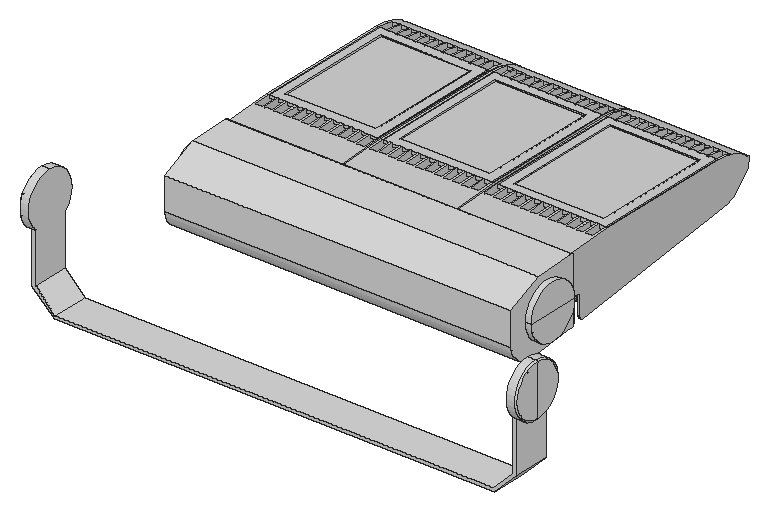
Revit family "0049124 Feilo Sylvania Lighting Fixture SYLVEO LED 30000LM NAR 4K", category Lighting Fixtures, host Face, Revit 2017
Family settings
  Host = Face
  Round Connector Dimension = Use Diameter
  Part Type = Normal
  OmniClass Number = 23.80.70.00
  OmniClass Title = Lighting
  Cut with Voids When Loaded = No
  Light Source = No
  Shared = Yes
  Room Calculation Point = No
Parameters (values of type "0049124 SYLVEO LED 30000LM NAR 4K")
  Weight = "15.82 kg"
  Wattage Comments = "n/a"
  WarrantyStartDate [instance] = "n/a"
  WarrantyGuarantorParts = "n/a"
  WarrantyDurationUnit = "n/a"
  WarrantyDurationParts = "n/a"
  WarrantyDescription = "n/a"
  Voltage = 230 V
  URL = "http://www.sylvania-lighting.com"
  TypeName = "SYLVEO LED 30000LM NAR 4K"
  TypeBody_FEILO = Sylveo Extra Large Body : 0049124 SYLVEO LED 30000LM NAR 4K
  Type Image = <None>
  Type Comments = "n/a"
  TotalWidth_FEILO = 648 mm
  TiltAngle_FEILO [instance] = 0.00°
  StartAngle_FEILO [instance] = -TiltAngle_FEILO  # 0.00°
  SerialNumber [instance] = "n/a"
  PowerFactor = 0
  PowerConsumption = "300.5 W"
  NominalWidth = 0 mm
  NominalLength = 648 mm
  NominalHeight = 392 mm
  Name = "SYLVEO LED 30000LM NAR 4K"
  ModelReference = "SYLVEO LED 30000LM NAR 4K"
  ModelNumber = "0049124"
  Material = "aluminium housing, glass diffuser"
  ManufacturerName = "Feilo Sylvania"
  LuminousEfficacy = "106.5 lm/W"
  LuminaireType = ""
  LightOutputRatio = "100"
  LampsType = Lamp  # "LED"
  LampNominalLuminous = "32003 lm"
  LampMacAdamStep = "6"
  LampColourTemperature = "4000 K"
  LampColourRenderingIndex = "70"
  InstallationDate [instance] = "n/a"
  InputVoltage = "100-240V~"
  InputNominalFrequency = "50 Hz"
  IngressProtection = "IP66"
  ImpactProtectionIndex = "IK08"
  IfcExportType = "IfcLightFixtureType"
  IfcExportAs = "IfcLightFixtureType"
  HingeHeight_FEILO = 121 mm
  HingeDia_FEILO = 70 mm
  ExpectedLife = 50000
  EndAngle_FEILO [instance] = StartAngle_FEILO + 180.00°  # 180.00°
  Material_3_FEILO = none
  Model = "SYLVEO LED 30000LM NAR 4K"
  Manufacturer = "Feilo Sylvania"
  Lamp = "LED"
  Keynote = "16500"
  Material_2_FEILO = none
  ElectricShockClassification = "Class I"
  DurationUnit = "hours"
  DocumentationLiterature = "http://www.sylvania-lighting.com/product/en-int/products/0049124"
  DimmingControlOptions = "Non dimmable"
  Description = "Exterior LED Floodlight, comes complete with a 1000mm cable and adjustable bracket, aluminium housing, clear glass diffuser, IP66, IK08, Class I, 4000K, Non-dimming, 32003lm, 301W, 107lm/W, 8400mA, CRI70, 30° beam angle, 50000hrs, (LxWxD) 98x648x392mm"
  Default Elevation = 1219.2 mm
  CreatedOn = "12/18/2017"
  CreatedBy = ""
  Cost = 0
  built-in parameter 1114216 [instance] = (empty or 0)
  ClassificationValue = "EF_70_80"
  ClassificationName = "Uniclass2015"
  BracketWidth_FEILO = 48 mm
  BracketThickness_FEILO = 4.5 mm
  BracketInnerWidth_FEILO = 623 mm
  BracketFold_FEILO = 30 mm
  BracketExtrusionStart_FEILO = -BracketWidth_FEILO / 2  # -24 mm
  BracketExtrusionEnd_FEILO = BracketWidth_FEILO / 2  # 24 mm
  Material_1_FEILO = Body-Sylvania-Sylveo-Aluminium
  BarCode [instance] = "n/a"
  AssetType = "Fixed"
  AssetIdentifier [instance] = "n/a"
  Assembly Code = "D5020200"
  Apparent Load = 300.5 VA
  Material_4_FEILO = none
Reference planes
  plane 1 "Center (Front/Back)": y = 0
  plane 2: z = 0
  plane 3 "Center (Left/Right)": x = 0
  plane 4: x = 311.5
  plane 5: x = -311.5
  plane 6: z = 121
  plane 7: x = 324
  plane 8: x = -324
  plane 9: z = 156
  plane 10: z = 86
  plane 11: x = 322
  plane 12: x = -322
  plane 13: x = 316
  plane 14: x = -316
  plane 15: z = 4.5
  plane 16: z = 30
  plane 17: x = 286
  plane 18: x = -286
  plane 19: z = 88
Forms (mm)
  Extrusion 1, solid, material "Body-Sylvania-Sylveo-Aluminium" <- "Material_1_FEILO"
    sketch origin (0, 0, 0) x (1, 0, 0) y (0, 0, 1)
      loop
        line (0, 4.5) -> (0, 0) -> (286.828, 0) -> (316, 29.172) -> (316, 121) -> (311.5, 121) -> (311.5, 30) -> (286, 4.5) -> (0, 4.5)
    from -24 <- "BracketExtrusionStart_FEILO" to 24 <- "BracketExtrusionEnd_FEILO"
  Extrusion 2, solid, material "Body-Sylvania-Sylveo-Aluminium" <- "Material_1_FEILO"
    sketch origin (0, 0, 0) x (-1, 0, 0) y (0, 0, -1)
      loop
        line (0, -4.5) -> (286, -4.5) -> (311.5, -30) -> (311.5, -121) -> (316, -121) -> (316, -29.172) -> (286.828, 0) -> (0, 0) -> (0, -4.5)
    from -24 <- "BracketExtrusionStart_FEILO" to 24 <- "BracketExtrusionEnd_FEILO"
  Revolve 3, solid, material "Body-Sylvania-Sylveo-Aluminium" <- "Material_1_FEILO"
    sketch origin (0, 0, 0) x (1, 0, 0) y (0, 0, 1)
      loop
        line (-311.5, 121) -> (-324, 121) -> (-324, 88) -> (-322, 86) -> (-311.5, 86) -> (-311.5, 121)
      axis (-311.5, 121) -> (-324, 121)
    angle from 0 to 360
  Revolve 4, solid, material "Body-Sylvania-Sylveo-Aluminium" <- "Material_1_FEILO"
    sketch origin (0, 0, 0) x (-1, 0, 0) y (0, 0, 1)
      loop
        line (-311.5, 121) -> (-324, 121) -> (-324, 88) -> (-322, 86) -> (-311.5, 86) -> (-311.5, 121)
      axis (-311.5, 121) -> (-324, 121)
    angle from 0 to 360
  Revolve 5, solid, not visible
    sketch origin (181.107, 0, 121) x (1, 0, 0) y (0, 1, 0)
      loop
        line (-191.101, 0) -> (-171.112, 0) -> (-171.112, 10) -> (-191.101, 10) -> (-191.101, 0)
      axis (-171.112, 0) -> (-191.101, 0)
    angle from 0 <- "StartAngle_FEILO" to 180 <- "EndAngle_FEILO"
Cuts and joins
  joined: Extrusion 1, Extrusion 2, Revolve 3, Revolve 4
Dimensions and locks
  equal spacing: plane 5, plane 3 "Center (Left/Right)", plane 4
  "BracketInnerWidth_FEILO": plane 5 to plane 4
  equal spacing: plane 7, plane 3 "Center (Left/Right)", plane 8
  "TotalWidth_FEILO": plane 7 to plane 8
  "HingeHeight_FEILO": plane 2 to plane 6
  equal spacing: plane 10, plane 6, plane 9
  "HingeDia_FEILO": plane 10 to plane 9
  equal spacing: plane 11, plane 3 "Center (Left/Right)", plane 12
  equal spacing: plane 13, plane 3 "Center (Left/Right)", plane 14
  "BracketFold_FEILO": plane 2 to plane 16
  "BracketThickness_FEILO": plane 2 to plane 15
  equal spacing: plane 17, plane 3 "Center (Left/Right)", plane 18
  locked: plane 19 to plane 10 at 2
  locked: Revolve 5 sketch curve to Revolve 5 sketch curve at 10
  equal spacing: Revolve 5 sketch curve, plane 3 "Center (Left/Right)", Revolve 5 sketch curve
  locked: Revolve 5 sketch curve to Revolve 5 sketch curve at 19.988
  locked: plane 7 to plane 11 at 2
  "BracketFold_FEILO": plane 13 to plane 17
  "BracketThickness_FEILO": plane 4 to plane 13
  aligned and locked: plane 2 to host face
  aligned and locked: level to host face
  aligned and locked: plane 10 to Revolve 3 sketch curve
  aligned and locked: Revolve 3 sketch curve to plane 8
  aligned and locked: plane 5 to Revolve 3 sketch curve
  aligned and locked: Revolve 3 sketch curve to plane 6  (x2)
  aligned and locked: Revolve 5 sketch curve to plane 1 "Center (Front/Back)"
  aligned and locked: plane 3 "Center (Left/Right)" to nested 1
Automatic sketch dimensions
  host sketch curve to host sketch curve = 2438.4 mm  (x2)
  Extrusion 1 sketch curve to plane 3 "Center (Left/Right)" = 0 mm  (x2)
  Extrusion 1 sketch curve to level = 0 mm  (x2)
  Extrusion 1 sketch curve to plane 15 = 0 mm
  Extrusion 1 sketch curve to plane 17 = 0 mm
  plane 4 to Extrusion 1 sketch curve = 0 mm
  Extrusion 1 sketch curve to plane 13 = 0 mm  (x2)
  Extrusion 1 sketch curve to plane 6 = 0 mm  (x2)
  Extrusion 1 sketch curve to plane 16 = 0 mm
  plane 17 to Extrusion 1 sketch curve = 0.828 mm
  Extrusion 1 sketch curve to plane 16 = 0.828 mm
  Extrusion 2 sketch curve to plane 3 "Center (Left/Right)" = 0 mm  (x2)
  Extrusion 2 sketch curve to level = 0 mm  (x2)
  Extrusion 2 sketch curve to plane 15 = 0 mm
  plane 18 to Extrusion 2 sketch curve = 0 mm
  plane 5 to Extrusion 2 sketch curve = 0 mm
  plane 14 to Extrusion 2 sketch curve = 0 mm  (x2)
  Extrusion 2 sketch curve to plane 6 = 0 mm  (x2)
  Extrusion 2 sketch curve to plane 16 = 0 mm
  Extrusion 2 sketch curve to plane 18 = 0.828 mm
  plane 16 to Extrusion 2 sketch curve = 0.828 mm
  plane 12 to Revolve 3 sketch curve = 0 mm
  Revolve 3 sketch curve to plane 19 = 0 mm
  plane 8 to Revolve 3 sketch curve = 77.715 mm
  plane 7 to Revolve 3 sketch curve = 78.607 mm
  Revolve 4 sketch curve to plane 6 = 0 mm  (x2)
  Revolve 4 sketch curve to plane 7 = 0 mm
  Revolve 4 sketch curve to plane 10 = 0 mm
  Revolve 4 sketch curve to plane 11 = 0 mm
  plane 4 to Revolve 4 sketch curve = 0 mm
  Revolve 4 sketch curve to plane 19 = 0 mm
  Revolve 4 sketch curve to Revolve 4 sketch curve = 77.715 mm
  Revolve 4 sketch curve to plane 8 = 78.607 mm
  plane 1 "Center (Front/Back)" to Revolve 5 sketch curve = 0 mm
  plane 8 to Revolve 5 sketch curve = 1421.5 mm
  plane 7 to Revolve 5 sketch curve = 1421.5 mm
Nested families
  nested 1: "Sylveo Extra Large Body" at (0, 137.375, 121), type <- "TypeBody_FEILO", type "0049124 SYLVEO LED 30000LM NAR 4K"
    with Apparent Load 300.5 VA
Connectors
  electrical at (0, 0, 0), driven by "Apparent Load"
    settings: index 1, voltage 230 V, apparent load 300.5 VA, apparent load phase1 0 VA, apparent load phase2 0 VA, apparent load phase3 0 VA, power factor 0, load classification "Lighting", number of poles 1, system type 30, power factor state 1, is connector primary yes, connector utility no, sub classification motor no, connector description ""
Definition of nested family "Sylveo Extra Large Body"
  Parameters (values of type "0049147 SYLVEO LED 20000LM RASYM 4K DALI ")
    Weight = "11.516 kg"
    Wattage Comments = ""
    Wattage = 202 W
    WarrantyStartDate [instance] = "n/a"
    WarrantyGuarantorParts = "n/a"
    WarrantyDurationUnit = "n/a"
    WarrantyDurationParts = "n/a"
    WarrantyDescription = "n/a"
    built-in parameter 1150110 = 1 (stored number, unit not read)
    Voltage = 230 V
    URL = "http://www.feilosylvania.com"
    TypeName = "SYLVEO LED 20000LM RASYM 4K DALI"
    Type Image = (empty or 0)
    Type Comments = "n/a"
    built-in parameter 1114217 = 1 (stored number, unit not read)
    Tilt Angle = -90.00°
    built-in parameter 1150109 = 1 (stored number, unit not read)
    built-in parameter 1150134 = 12
    built-in parameter 1150113 = 1 (stored number, unit not read)
    SerialNumber [instance] = "n/a"
    Photometric Web File = "0049147.ies"
    Material_3_FEILO = none
    PowerFactor = 0.95
    PowerConsumption = "202 W"
    NominalLength = 98 mm
    NominalHeight = 392 mm
    NominalDepth = 496 mm
    Name = "SYLVEO LED 20000LM RASYM 4K DALI"
    ModelReference = Name  # "SYLVEO LED 20000LM RASYM 4K DALI"
    ModelNumber = "0049147"
    Model = Name  # "SYLVEO LED 20000LM RASYM 4K DALI"
    Material = "aluminum housing, glass diffuser"
    ManufacturerName = "Feilo Sylvania"
    Manufacturer = "Feilo Sylvania"
    LuminousEfficacy = "106.6 lm/W"
    built-in parameter 1150105 = 11127.1 (stored number, unit not read)
    Lumens = 21533.2 lm
    LuminaireType = ""
    built-in parameter 1150115 = 1 (stored number, unit not read)
    LightOutputRatio = "1"
    built-in parameter 1150137 = (empty or 0)
    built-in parameter 1150139 = (empty or 0)
    LampsType = Lamp  # "LED"
    LampNominalLuminous = "21542 lm"
    LampMacAdamStep = "6"
    LampColourTemperature = "4000 K"
    LampColourRenderingIndex = "70"
    built-in parameter 1150112 = 1 (stored number, unit not read)
    built-in parameter 1150114 = 1 (stored number, unit not read)
    Lamp = "LED"
    Keynote = "16500"
    InstallationDate [instance] = "n/a"
    InputVoltage = "100-240V~"
    InputNominalFrequency = "50/60 Hz"
    built-in parameter 1150132 = (empty or 0)
    built-in parameter 1150102 = (empty or 0)
    built-in parameter 1150107 = 4000 (stored number, unit not read)
    built-in parameter 1150138 = (empty or 0)
    IngressProtection = "IP66"
    ImpactProtectionIndex = "IK08"
    built-in parameter 1150106 = 111.27 (stored number, unit not read)
    IfcExportType = "IfcLightFixtureType"
    IfcExportAs = "IfcLightFixtureType"
    ExpectedLife = 50000
    Emit from Rectangle Width = 156 mm
    Emit from Rectangle Length = 415.5 mm
    Emit Shape Visible in Rendering = no
    ElectricShockClassification = "Class I"
    built-in parameter 1150104 = 9.9035 (stored number, unit not read)
    DurationUnit = "hours"
    DocumentationLiterature = "http://www.feilosylvania.com/product/en-int/products/0049147"
    DimmingControlOptions = "Dimmable"
    Material_2_FEILO = none
    Dimming Lamp Color Temperature Shift = (empty or 0)
    Description = "Exterior LED floodlight, comes complete with a 1000mm cable and adjustable bracket, aluminium housing, clear glass diffuser, 21542lm, 201W, 107lm/W, 4000K, 5002mA, CRI70, 52°x117° beam angle, DALI dimmable, IP66, IK08, Class I, 50000hrs, (LxWxD) 98x496x392mm"
    Default Elevation = 1219.2 mm
    CreatedOn = "1/9/2018"
    CreatedBy = "aron.fodor@feilosylvania.com"
    Cost = 0
    Color Filter = 16777215
    built-in parameter 1114216 [instance] = (empty or 0)
    ClassificationValue = "EF_70_80"
    ClassificationName = "Uniclass2015"
    Material_1_FEILO = none
    BarCode [instance] = "n/a"
    built-in parameter 1114218 = 1 (stored number, unit not read)
    built-in parameter 1150133 = 10 (stored number, unit not read)
    AssetType = "Fixed"
    AssetIdentifier [instance] = "n/a"
    Assembly Code = "D5020200"
    Apparent Load = 202 VA
    Material_4_FEILO = none
  Types (9, lengths in mm): name | Weight | Wattage | TypeName | built-in parameter 1150134 | Photometric Web File | PowerFactor | PowerConsumption | NominalLength | NominalDepth | Name | ModelReference | ModelNumber | Model | Material | LuminousEfficacy | built-in parameter 1150105 | Lumens | LightOutputRatio | LampNominalLuminous | LampColourTemperature | InputNominalFrequency | built-in parameter 1150107 | built-in parameter 1150106 | built-in parameter 1150104 | DocumentationLiterature | DimmingControlOptions | Description | Apparent Load
    0049147 SYLVEO LED 20000LM RASYM 4K DALI | "11.516 kg" | 202 W | "SYLVEO LED 20000LM RASYM 4K DALI" | 12 | "0049147.ies" | 0.95 | "202 W" | 98 | 496 | "SYLVEO LED 20000LM RASYM 4K DALI" | "SYLVEO LED 20000LM RASYM 4K DALI" | "0049147" | "SYLVEO LED 20000LM RASYM 4K DALI" | "aluminum housing, glass diffuser" | "106.6 lm/W" | 11127.1 (stored number, unit not read) | 21533.2 lm | "1" | "21542 lm" | "4000 K" | "50/60 Hz" | 4000 (stored number, unit not read) | 111.27 (stored number, unit not read) | 9.9035 (stored number, unit not read) | "http://www.feilosylvania.com/product/en-int/products/0049147" | "Dimmable" | "Exterior LED floodlight, comes complete with a 1000mm cable and adjustable bracket, aluminium housing, clear glass diffuser, 21542lm, 201W, 107lm/W, 4000K, 5002mA, CRI70, 52°x117° beam angle, DALI dimmable, IP66, IK08, Class I, 50000hrs, (LxWxD) 98x496x392mm" | 202 VA
    0049146 SYLVEO LED 20000LM WIDE 4K DALI | "11.516 kg" | 200 W | "SYLVEO LED 20000LM WIDE 4K DALI" | 12 | "0049146.ies" | 0.95 | "200 W" | 98 | 496 | "SYLVEO LED 20000LM WIDE 4K DALI" | "SYLVEO LED 20000LM WIDE 4K DALI" | "0049146" | "SYLVEO LED 20000LM WIDE 4K DALI" | "aluminum housing, glass diffuser" | "106.4 lm/W" | 25856.7 (stored number, unit not read) | 21280 lm | "1" | "21281 lm" | "4000 K" | "50/60 Hz" | 4000 (stored number, unit not read) | 258.57 (stored number, unit not read) | 9.8849 (stored number, unit not read) | "http://www.feilosylvania.com/product/en-int/products/0049146" | "Dimmable" | "Exterior LED floodlight, comes complete with a 1000mm cable and adjustable bracket, aluminium housing, clear glass diffuser, 21281lm, 200W, 106lm/W, 4000K, 5002mA, CRI70, 52° beam angle, DALI dimmable, IP66, IK08, Class I, 50000hrs, (LxWxD) 98x496x392mm" | 200 VA
    0049145 SYLVEO LED 20000LM NAR 4K DALI | "11.516 kg" | 201 W | "SYLVEO LED 20000LM NAR 4K DALI" | 12 | "0049145.ies" | 0.95 | "201 W" | 98 | 496 | "SYLVEO LED 20000LM NAR 4K DALI" | "SYLVEO LED 20000LM NAR 4K DALI" | "0049145" | "SYLVEO LED 20000LM NAR 4K DALI" | "aluminum housing, glass diffuser" | "107.5 lm/W" | 50417.9 (stored number, unit not read) | 21607.5 lm | "1" | "21605 lm" | "4000 K" | "50/60 Hz" | 4000 (stored number, unit not read) | 504.18 (stored number, unit not read) | 9.9871 (stored number, unit not read) | "http://www.feilosylvania.com/product/en-int/products/0049145" | "Dimmable" | "Exterior LED floodlight, comes complete with a 1000mm cable and adjustable bracket, aluminium housing, clear glass diffuser, 21605lm, 201W, 108lm/W, 4000K, 5002mA, CRI70, 30° beam angle, DALI dimmable, IP66, IK08, Class I, 50000hrs, (LxWxD) 98x496x392mm" | 201 VA
    0049123 SYLVEO LED 20000LM RASYM 3K | "11.516 kg" | 201.3 W | "SYLVEO LED 20000LM RASYM 3K" | (empty or 0) | "0049123.ies" | 0 | "201.3 W" | 496 | 98 | "SYLVEO LED 20000LM RASYM 3K" | "SYLVEO LED 20000LM RASYM 3K" | "0049123" | "SYLVEO LED 20000LM RASYM 3K" | "aluminium housing, glass diffuser" | "102.5 lm/W" | 10660.6 (stored number, unit not read) | 20633.3 lm | "100" | "20639 lm" | "3000 K" | "50 Hz" | 3000 (stored number, unit not read) | 106.61 (stored number, unit not read) | 9.5226 (stored number, unit not read) | "http://www.feilosylvania.com/product/en-int/products/0049123" | "Non dimmable" | "Exterior LED Floodlight, comes complete with a 1000mm cable and adjustable bracket, aluminium housing, clear glass diffuser, IP66, IK08, Class I, 3000K, Non-dimming, 20639lm, 201W, 103lm/W, 4800mA, CRI70, 52°x117° beam angle, 50000hrs, (LxWxD) 98x496x392mm, Asmmetric" | 201.3 VA
    0049122 SYLVEO LED 20000LM WIDE 3K | "11.5 kg" | 201.3 W | "SYLVEO LED 20000LM WIDE 3K" | (empty or 0) | "0049122.ies" | 0 | "201.3 W" | 496 | 98 | "SYLVEO LED 20000LM WIDE 3K" | "SYLVEO LED 20000LM WIDE 3K" | "0049122" | "SYLVEO LED 20000LM WIDE 3K" | "aluminium housing, glass diffuser" | "102.5 lm/W" | 25192 (stored number, unit not read) | 20633.3 lm | "100" | "20633 lm" | "3000 K" | "50 Hz" | 3000 (stored number, unit not read) | 251.92 (stored number, unit not read) | 9.5226 (stored number, unit not read) | "http://www.feilosylvania.com/product/en-int/products/0049122" | "Non dimmable" | "Exterior LED Floodlight, comes complete with a 1000mm cable and adjustable bracket, aluminium housing, clear glass diffuser, IP66, IK08, Class I, 3000K, Non-dimming, 20633lm, 201W, 103lm/W, 4800mA, CRI70, 52° beam angle, 50000hrs, (LxWxD) 98x496x392mm" | 201.3 VA
    0049121 SYLVEO LED 20000LM NAR 3K | "11.552 kg" | 200.6 W | "SYLVEO LED 20000LM NAR 3K" | (empty or 0) | "0049121.ies" | 0 | "200.6 W" | 496 | 98 | "SYLVEO LED 20000LM NAR 3K" | "SYLVEO LED 20000LM NAR 3K" | "0049121" | "SYLVEO LED 20000LM NAR 3K" | "aluminium housing, glass diffuser" | "103.9 lm/W" | 50639 (stored number, unit not read) | 20842.3 lm | "100" | "20834 lm" | "3000 K" | "50 Hz" | 3000 (stored number, unit not read) | 506.39 (stored number, unit not read) | 9.6526 (stored number, unit not read) | "http://www.feilosylvania.com/product/en-int/products/0049121" | "Non dimmable" | "Exterior LED Floodlight, comes complete with a 1000mm cable and adjustable bracket, aluminium housing, clear glass diffuser, IP66, IK08, Class I, 3000K, Non-dimming, 20834lm, 201W, 104lm/W, 4800mA, CRI70, 30° beam angle, 50000hrs, (LxWxD) 98x496x392mm" | 200.6 VA
    0049120 SYLVEO LED 20000LM RASYM 4K | "11.318 kg" | 200.6 W | "SYLVEO LED 20000LM RASYM 4K" | 12 | "0049120.ies" | 0 | "200.6 W" | 496 | 98 | "SYLVEO LED 20000LM RASYM 4K" | "SYLVEO LED 20000LM RASYM 4K" | "0049120" | "SYLVEO LED 20000LM RASYM 4K" | "aluminium housing, glass diffuser" | "107.4 lm/W" | 11131.4 (stored number, unit not read) | 21544.4 lm | "100" | "21546 lm" | "4000 K" | "50 Hz" | 4000 (stored number, unit not read) | 111.31 (stored number, unit not read) | 9.9778 (stored number, unit not read) | "http://www.feilosylvania.com/product/en-int/products/0049120" | "Non dimmable" | "Exterior LED Floodlight, comes complete with a 1000mm cable and adjustable bracket, aluminium housing, clear glass diffuser, IP66, IK08, Class I, 4000K, Non-dimming, 21546lm, 201W, 107lm/W, 4800mA, CRI70, 52°x117° beam angle, 50000hrs, (LxWxD) 98x496x392mm" | 200.6 VA
    0049119 SYLVEO LED 20000LM WIDE 4K | "11.472 kg" | 200.5 W | "SYLVEO LED 20000LM WIDE 4K" | 12 | "0049119.ies" | 0 | "200.5 W" | 496 | 98 | "SYLVEO LED 20000LM WIDE 4K" | "SYLVEO LED 20000LM WIDE 4K" | "0049119" | "SYLVEO LED 20000LM WIDE 4K" | "aluminium housing, glass diffuser" | "107.3 lm/W" | 27146.8 (stored number, unit not read) | 21513.6 lm | "100" | "21514 lm" | "4000 K" | "50 Hz" | 4000 (stored number, unit not read) | 271.47 (stored number, unit not read) | 9.9685 (stored number, unit not read) | "http://www.feilosylvania.com/product/en-int/products/0049119" | "Non dimmable" | "Exterior LED Floodlight, comes complete with a 1000mm cable and adjustable bracket, aluminium housing, clear glass diffuser, IP66, IK08, Class I, 4000K, Non-dimming, 21514lm, 201W, 107lm/W, 4800mA, CRI70, 52° beam angle, 50000hrs, (LxWxD) 98x496x392mm" | 200.5 VA
    0049118 SYLVEO LED 20000LM NAR 4K | "11.496 kg" | 201.2 W | "SYLVEO LED 20000LM NAR 4K" | 12 | "0049118.ies" | 0 | "201.2 W" | 496 | 98 | "SYLVEO LED 20000LM NAR 4K" | "SYLVEO LED 20000LM NAR 4K" | "0049118" | "SYLVEO LED 20000LM NAR 4K" | "aluminium housing, glass diffuser" | "107.4 lm/W" | 52850.4 (stored number, unit not read) | 21608.9 lm | "100" | "21609 lm" | "4000 K" | "50 Hz" | 4000 (stored number, unit not read) | 528.5 (stored number, unit not read) | 9.9778 (stored number, unit not read) | "http://www.feilosylvania.com/product/en-int/products/0049118" | "Non dimmable" | "Exterior LED Floodlight, comes complete with a 1000mm cable and adjustable bracket, aluminium housing, clear glass diffuser, IP66, IK08, Class I, 4000K, Non-dimming, 21609lm, 201W, 107lm/W, 4000K, 4800mA, CRI70, 30° beam angle, 50000hrs, (LxWxD) 98x496x392mm" | 201.2 VA
  Reference planes
    plane 1 "Center (Front/Back)": y = 0
    plane 2: z = 0
    plane 3 "Center (Left/Right)": x = 0
    plane 4: x = 248
    plane 5: x = -248
    plane 6: x = 225.5
    plane 7: x = -225.5
    plane 8: y = 35
    plane 9: x = -234
    plane 10: x = 234
    plane 11: y = 43
    plane 12: y = -12
    plane 13: y = -58
    plane 14: z = 46
    plane 15: z = 43
    plane 16: z = 23
    plane 17: z = -20
    plane 18: y = -23
    plane 19: z = -40
    plane 20: z = -47
    plane 21: x = -149
    plane 22: x = 149
  Forms (mm)
    Extrusion 1, solid
      sketch origin (4.2, 0, 0) x (1, 0, 0) y (0, 1, 0)
        loop
          line (-1219.2, 1219.2) -> (-1219.2, -1219.2) -> (1219.2, -1219.2) -> (1219.2, 1219.2) -> (-1219.2, 1219.2)
      from 0 to -68.017
    Extrusion 2, solid, material <- "Material_1_FEILO"
      sketch origin (0, 0, 0) x (0, 1, 0) y (0, 0, 1)
        loop
          line (41.418, 45.914) -> (-12, 43)
          arc (-12, 43) -> (-35.432, 33.994) -> (-58, 23) r 290.694
          line (-58, 23) -> (-58, -20)
          arc (-58, -20) -> (-45.914, -40.518) -> (-23, -47) r 31.99
          line (-23, -47) -> (40.738, -40.24)
          arc (40.738, -40.24) -> (42.351, -39.416) -> (43, -37.725) r 2.529
          line (43, -37.725) -> (43, 44.416)
          arc (43, 44.416) -> (42.531, 45.505) -> (41.418, 45.914) r 1.5
      from -225.5 to 225.5
    Revolve 3, solid, material <- "Material_1_FEILO"
      sketch origin (0, 0, 0) x (1, 0, 0) y (0, 1, 0)
        loop
          line (-234, 35) -> (-234, 0) -> (-225.5, 0) -> (-225.5, 35) -> (-234, 35)
        loop
          line (234, 0) -> (234, 35) -> (225.5, 35) -> (225.5, 0) -> (234, 0)
        axis (234, 0) -> (-234, 0)
      angle from 360 to 0
  Cuts and joins
    joined: Extrusion 2, Revolve 3
  Dimensions and locks
    equal spacing: plane 5, plane 3 "Center (Left/Right)", plane 4
    locked: plane 5 to plane 4 at 496
    equal spacing: plane 7, plane 3 "Center (Left/Right)", plane 6
    locked: plane 5 to plane 7 at 22.5
    plane 1 "Center (Front/Back)" to plane 8 = 35 mm
    equal spacing: plane 9, plane 3 "Center (Left/Right)", plane 10
    locked: plane 9 to plane 10 at 468
    plane 13 to plane 18 to plane 12 to plane 1 "Center (Front/Back)" to plane 8 to plane 11 = 35 mm locked, 11 mm locked, 12 mm locked, 35 mm locked, 8 mm locked
    plane 14 to plane 15 to plane 16 to plane 2 to plane 17 to plane 19 = 3 mm locked, 20 mm locked, 23 mm locked, 20 mm locked, 20 mm locked
    locked: plane 20 to plane 19 at 7
    equal spacing: plane 21, plane 3 "Center (Left/Right)", plane 22
    locked: plane 21 to plane 3 "Center (Left/Right)" at 149
    aligned and locked: plane 2 to Extrusion 1
    aligned and locked: level to Extrusion 1
    aligned and locked: Extrusion 2 sketch curve to plane 11
    aligned and locked: plane 13 to Extrusion 2 sketch curve
    aligned and locked: plane 6 to Extrusion 2
    aligned and locked: Extrusion 2 to plane 7
    aligned and locked: plane 8 to Revolve 3 sketch curve  (x2)
    aligned and locked: plane 9 to Revolve 3 sketch curve
    aligned and locked: Revolve 3 sketch curve to plane 1 "Center (Front/Back)"  (x3)
    aligned and locked: Revolve 3 sketch curve to plane 7
    aligned and locked: Revolve 3 sketch curve to plane 10
    aligned and locked: plane 6 to Revolve 3 sketch curve
    aligned and locked: plane 2 to nested 1
    aligned and locked: plane 3 "Center (Left/Right)" to nested 1
    aligned and locked: plane 21 to nested 3
    aligned and locked: plane 22 to nested 2
    aligned and locked: plane 2 to nested 2
    aligned and locked: plane 2 to nested 3
    aligned and locked: imposter light to nested 2
    aligned and locked: imposter light to nested 1
    aligned and locked: imposter light to plane 3 "Center (Left/Right)"
  Automatic sketch dimensions
    Extrusion 1 sketch curve to Extrusion 1 sketch curve = 2438.4 mm  (x2)
    Extrusion 2 sketch curve to plane 18 = 0 mm
    Extrusion 2 sketch curve to plane 12 = 0 mm
    plane 20 to Extrusion 2 sketch curve = 0 mm
    plane 17 to Extrusion 2 sketch curve = 0 mm
    plane 16 to Extrusion 2 sketch curve = 0 mm
    plane 15 to Extrusion 2 sketch curve = 0 mm
    plane 18 to Extrusion 2 sketch curve = 3.374 mm
    Extrusion 2 sketch curve to Extrusion 2 sketch curve = 2.529 mm
    plane 19 to Extrusion 2 sketch curve = 0.24 mm
    plane 11 to Extrusion 2 sketch curve = 2.262 mm
    plane 14 to Extrusion 2 sketch curve = 0.086 mm
    plane 11 to Extrusion 2 sketch curve = 1.582 mm
    Extrusion 2 sketch curve to plane 15 = 1.416 mm
    Extrusion 2 sketch curve to plane 11 = 37.475 mm
    Revolve 3 sketch curve to plane 5 = 1276 mm
    plane 4 to Revolve 3 sketch curve = 1276 mm
  Nested families
    nested 1: "Sylveo Extra Large Screen Module" at (0, 43, 48) x (1, 0, 0) z (0, 1, 0), type "Type Name"
    nested 2: "Sylveo Extra Large Screen Module" at (149, 43, 48) x (1, 0, 0) z (0, 1, 0), type "Type Name"
    nested 3: "Sylveo Extra Large Screen Module" at (-149, 43, 48) x (1, 0, 0) z (0, 1, 0), type "Type Name"
  Definition of nested family "Sylveo Extra Large Screen Module"
    Parameters (values of type "Type Name")
      URL = "http://www.feilosylvania.com"
      Type Image = (empty or 0)
      Type Comments = "n/a"
      Material_3_FEILO = none
      Model = ""
      Manufacturer = "Feilo Sylvania"
      Keynote = ""
      Material_2_FEILO = none
      Description = ""
      Default Elevation = 1219.2 mm
      Cost = 0
      Material_1_FEILO = none
      Assembly Code = ""
      Material_4_FEILO = none
    Reference planes
      plane 1 "Center (Front/Back)": y = 0
      plane 2: z = 0
      plane 3 "Center (Left/Right)": x = 0
      plane 4: x = 73.5
      plane 5: x = -73.5
      plane 6: z = 290
      plane 7: z = 262.5
      plane 8: z = 241.5
      plane 9: z = 229.5
      plane 10: x = -71
      plane 11: x = 71
      plane 12: x = -59
      plane 13: x = 59
      plane 14: z = 61.5
      plane 15: z = 73.5
      plane 16: y = 16
      plane 17: y = 31
      plane 18: y = 56
      plane 19: y = 88
      plane 20: z = 16
      plane 21: z = 6
      plane 22: y = 4
      plane 23: x = -61.5
      plane 24: x = -49.5
      plane 25: x = -47
      plane 26: x = -37.5
      plane 27: x = -35
      plane 28: x = -25.5
      plane 29: x = -23
      plane 30: x = -13.5
      plane 31: x = -11
      plane 32: x = -1.5
      plane 33: x = 1
      plane 34: x = 10.5
      plane 35: x = 13
      plane 36: x = 22.5
      plane 37: x = 25
      plane 38: x = 34.5
      plane 39: x = 37
      plane 40: x = 46.5
      plane 41: x = 49
      plane 42: x = 58.5
      plane 43: x = 61
      plane 44: z = 40.5
      plane 45: y = 92
      plane 46: y = 48
      plane 47: z = 30.5
      plane 48: y = 1
      plane 49: z = 151.5
    Forms (mm)
      Extrusion 1, solid
        sketch origin (4.2, 0, 0) x (1, 0, 0) y (0, 1, 0)
          loop
            line (-1219.2, 1219.2) -> (-1219.2, -1219.2) -> (1219.2, -1219.2) -> (1219.2, 1219.2) -> (-1219.2, 1219.2)
        from 0 to -68.017
      Extrusion 2, solid, material <- "Material_1_FEILO", detail levels medium+fine
        sketch origin (0, 0, 0) x (0, 1, 0) y (0, 0, 1)
          loop
            line (0, 241.5) -> (0, 61.5) -> (4, 0) -> (88, 0) -> (88, 5)
            arc (88, 5) -> (87.707, 5.707) -> (87, 6) r 1
            line (87, 6) -> (58, 6)
            arc (58, 6) -> (56.586, 6.586) -> (56, 8) r 2
            line (56, 8) -> (56, 14)
            arc (56, 14) -> (56.586, 15.414) -> (58, 16) r 2
            line (58, 16) -> (82.836, 16)
            arc (82.836, 16) -> (86.711, 17.379) -> (88.136, 21.237) r 4.853
            arc (88.136, 21.237) -> (75.429, 138.984) -> (57.18, 256.001) r 2509.59
            arc (57.18, 256.001) -> (55.179, 262.077) -> (51.577, 267.365) r 22.945
            line (51.577, 267.365) -> (31, 290) -> (16, 290)
            arc (16, 290) -> (4.103, 267.036) -> (0, 241.5) r 81.508
        from -73.5 to 73.5
      Extrusion 3, void
        sketch origin (0, 0, 0) x (1, 0, 0) y (0, 0, 1)
          loop
            line (-71, 262.5) -> (-71, 40.5) -> (-61.5, 40.5) -> (-61.5, 262.5) -> (-71, 262.5)
          loop
            line (-59, 262.5) -> (-59, 40.5) -> (-49.5, 40.5) -> (-49.5, 262.5) -> (-59, 262.5)
          loop
            line (-47, 262.5) -> (-47, 40.5) -> (-37.5, 40.5) -> (-37.5, 262.5) -> (-47, 262.5)
          loop
            line (-35, 262.5) -> (-35, 40.5) -> (-25.5, 40.5) -> (-25.5, 262.5) -> (-35, 262.5)
          loop
            line (-23, 262.5) -> (-23, 40.5) -> (-13.5, 40.5) -> (-13.5, 262.5) -> (-23, 262.5)
          loop
            line (-11, 262.5) -> (-11, 40.5) -> (-1.5, 40.5) -> (-1.5, 262.5) -> (-11, 262.5)
          loop
            line (1, 262.5) -> (1, 40.5) -> (10.5, 40.5) -> (10.5, 262.5) -> (1, 262.5)
          loop
            line (13, 262.5) -> (13, 40.5) -> (22.5, 40.5) -> (22.5, 262.5) -> (13, 262.5)
          loop
            line (25, 262.5) -> (25, 40.5) -> (34.5, 40.5) -> (34.5, 262.5) -> (25, 262.5)
          loop
            line (37, 262.5) -> (37, 40.5) -> (46.5, 40.5) -> (46.5, 262.5) -> (37, 262.5)
          loop
            line (49, 262.5) -> (49, 40.5) -> (58.5, 40.5) -> (58.5, 262.5) -> (49, 262.5)
          loop
            line (61, 262.5) -> (61, 40.5) -> (71, 40.5) -> (71, 262.5) -> (61, 262.5)
        from -88 to 0
      Extrusion 4, void
        sketch origin (0, 0, 0) x (0, 1, 0) y (0, 0, 1)
          loop
            line (83.385, 40.5) -> (48, 40.5) -> (48, 6) -> (92, 6) -> (92, 43.121) -> (85.747, 43.121)
            arc (85.747, 43.121) -> (85.149, 41.285) -> (83.385, 40.5) r 2.374
        from -71 to 71
      Extrusion 5, solid, material <- "Material_1_FEILO", detail levels coarse
        sketch origin (0, 0, 0) x (0, 1, 0) y (0, 0, 1)
          loop
            line (51.577, 267.365) -> (31, 290) -> (16, 290)
            arc (16, 290) -> (4.103, 267.036) -> (0, 241.5) r 81.508
            line (0, 241.5) -> (0, 61.5) -> (4, 0) -> (88, 0) -> (88, 5)
            arc (88, 5) -> (87.707, 5.707) -> (87, 6) r 1
            line (87, 6) -> (58, 6)
            arc (58, 6) -> (56.586, 6.586) -> (56, 8) r 2
            line (56, 8) -> (56, 14)
            arc (56, 14) -> (56.586, 15.414) -> (58, 16) r 2
            line (58, 16) -> (82.836, 16)
            arc (82.836, 16) -> (86.711, 17.379) -> (88.136, 21.237) r 4.853
            arc (88.136, 21.237) -> (75.429, 138.984) -> (57.18, 256.001) r 2509.59
            arc (57.18, 256.001) -> (55.179, 262.077) -> (51.577, 267.365) r 22.945
        from -73.5 to 73.5
      Extrusion 6, void
        sketch origin (0, 0, 0) x (1, 0, 0) y (0, 0, 1)
          loop
            line (-71, 241.5) -> (-71, 61.5) -> (71, 61.5) -> (71, 241.5) -> (-71, 241.5)
        from 0 to -4
      Extrusion 7, solid, material <- "Material_1_FEILO"
        sketch origin (0, 0, 0) x (1, 0, 0) y (0, 0, 1)
          loop
            line (-71, 241.5) -> (-71, 61.5) -> (71, 61.5) -> (71, 241.5) -> (-71, 241.5)
          loop
            line (-59, 229.5) -> (-59, 73.5) -> (58.5, 73.5) -> (58.5, 229.5) -> (-59, 229.5)
        from -4 to 0
      Extrusion 8, solid, material <- "Material_2_FEILO"
        sketch origin (0, 0, 0) x (1, 0, 0) y (0, 0, 1)
          loop
            line (-59, 229.5) -> (-59, 73.5) -> (58.5, 73.5) -> (58.5, 229.5) -> (-59, 229.5)
        from -1 to -4
    Cuts and joins
      Extrusion 3, Extrusion 4, Extrusion 6 cuts Extrusion 2
      Extrusion 4, Extrusion 6 cuts Extrusion 5
    Dimensions and locks
      plane 1 "Center (Front/Back)" to plane 16 to plane 17 to plane 18 to plane 19 = 16 mm locked, 15 mm locked, 25 mm locked, 32 mm locked
      plane 7 to plane 8 to plane 9 to plane 15 to plane 14 to plane 20 to plane 21 to plane 2 = 21 mm locked, 12 mm locked, 156 mm locked, 12 mm locked, 45.5 mm locked, 10 mm locked, 6 mm locked
      locked: plane 1 "Center (Front/Back)" to plane 22 at 4
      equal spacing: plane 4, plane 3 "Center (Left/Right)", plane 5
      locked: plane 4 to plane 5 at 147
      plane 11 to plane 43 to plane 42 to plane 41 to plane 40 to plane 39 to plane 38 to plane 37 to plane 36 to plane 35 to plane 34 to plane 33 to plane 32 to plane 31 to plane 30 to plane 29 to plane 28 to plane 27 to plane 26 to plane 25 to plane 24 to plane 12 to plane 23 to plane 10 to plane 5 = 10 mm locked, 2.5 mm locked, 9.5 mm locked, 2.5 mm locked, 9.5 mm locked, 2.5 mm locked, 9.5 mm locked, 2.5 mm locked, 9.5 mm locked, 2.5 mm locked, 9.5 mm locked, 2.5 mm locked, 9.5 mm locked, 2.5 mm locked, 9.5 mm locked, 2.5 mm locked, 9.5 mm locked, 2.5 mm locked, 9.5 mm locked, 2.5 mm locked, 9.5 mm locked, 2.5 mm locked, 9.5 mm locked, 2.5 mm locked
      plane 6 to plane 2 = 290 mm
      plane 6 to plane 7 = 27.5 mm
      plane 7 to plane 8 = 21 mm
      plane 8 to plane 9 = 12 mm
      plane 8 to plane 14 = 180 mm
      plane 15 to plane 14 = 12 mm
      locked: plane 14 to plane 44 at 21
      locked: plane 19 to plane 45 at 4
      locked: plane 46 to plane 18 at 8
      locked: plane 20 to plane 47 at 14.5
      locked: plane 1 "Center (Front/Back)" to plane 48 at 1
      equal spacing: plane 9, plane 49, plane 15
      aligned and locked: plane 2 to Extrusion 1
      aligned and locked: level to Extrusion 1
      aligned and locked: plane 1 "Center (Front/Back)" to Extrusion 2 sketch curve  (x2)
      aligned and locked: plane 16 to Extrusion 2 sketch curve
      aligned and locked: plane 6 to Extrusion 2 sketch curve  (x2)
      aligned and locked: plane 17 to Extrusion 2 sketch curve
      aligned and locked: plane 20 to Extrusion 2 sketch curve
      aligned and locked: Extrusion 2 sketch curve to plane 18
      aligned and locked: Extrusion 2 sketch curve to plane 21
      aligned and locked: Extrusion 2 sketch curve to plane 19
      aligned and locked: Extrusion 2 sketch curve to plane 2
      aligned and locked: plane 22 to Extrusion 2 sketch curve
      aligned and locked: plane 14 to Extrusion 2 sketch curve
      aligned and locked: Extrusion 2 to plane 5
      aligned and locked: plane 7 to Extrusion 3 sketch curve  (x12)
      aligned and locked: plane 10 to Extrusion 3 sketch curve
      aligned and locked: Extrusion 3 sketch curve to plane 44  (x12)
      aligned and locked: Extrusion 3 sketch curve to plane 23
      aligned and locked: plane 12 to Extrusion 3 sketch curve
      aligned and locked: Extrusion 3 sketch curve to plane 24
      aligned and locked: plane 25 to Extrusion 3 sketch curve
      aligned and locked: Extrusion 3 sketch curve to plane 26
      aligned and locked: plane 27 to Extrusion 3 sketch curve
      aligned and locked: Extrusion 3 sketch curve to plane 28
      aligned and locked: plane 29 to Extrusion 3 sketch curve
      aligned and locked: Extrusion 3 sketch curve to plane 30
      aligned and locked: plane 31 to Extrusion 3 sketch curve
      aligned and locked: Extrusion 3 sketch curve to plane 32
      aligned and locked: Extrusion 3 sketch curve to plane 34
      aligned and locked: plane 33 to Extrusion 3 sketch curve
      aligned and locked: plane 35 to Extrusion 3 sketch curve
      aligned and locked: Extrusion 3 sketch curve to plane 36
      aligned and locked: plane 37 to Extrusion 3 sketch curve
      aligned and locked: Extrusion 3 sketch curve to plane 38
      aligned and locked: plane 39 to Extrusion 3 sketch curve
      aligned and locked: Extrusion 3 sketch curve to plane 40
      aligned and locked: plane 41 to Extrusion 3 sketch curve
      aligned and locked: Extrusion 3 sketch curve to plane 42
      aligned and locked: plane 43 to Extrusion 3 sketch curve
      aligned and locked: Extrusion 3 sketch curve to plane 11
      aligned and locked: Extrusion 3 to plane 19
      aligned and locked: plane 1 "Center (Front/Back)" to Extrusion 3
      aligned and locked: Extrusion 4 sketch curve to plane 44
      aligned and locked: plane 21 to Extrusion 4 sketch curve
      aligned and locked: Extrusion 4 sketch curve to plane 45
      aligned and locked: Extrusion 4 to plane 10
      aligned and locked: plane 11 to Extrusion 4
      aligned and locked: plane 46 to Extrusion 4 sketch curve
      aligned and locked: Extrusion 5 sketch curve to cut or joined group of Extrusion 2, Extrusion 3, Extrusion 4, Extrusion 6  (x9)
      aligned and locked: plane 4 to Extrusion 5
      aligned and locked: Extrusion 5 to plane 5
      aligned and locked: Extrusion 6 to plane 22
      aligned and locked: plane 1 "Center (Front/Back)" to Extrusion 6
      aligned and locked: Extrusion 7 sketch curve to cut or joined group of Extrusion 4, Extrusion 5, Extrusion 6  (x2)
      aligned and locked: Extrusion 7 sketch curve to cut or joined group of Extrusion 2, Extrusion 3, Extrusion 4, Extrusion 6  (x2)
      aligned and locked: plane 9 to Extrusion 7 sketch curve
      aligned and locked: Extrusion 7 sketch curve to plane 15
      aligned and locked: Extrusion 7 sketch curve to plane 42
      aligned and locked: plane 1 "Center (Front/Back)" to Extrusion 7
      aligned and locked: Extrusion 7 to plane 22
      aligned and locked: Extrusion 8 sketch curve to Extrusion 7  (x4)
      aligned and locked: Extrusion 8 to plane 22
      aligned and locked: plane 48 to Extrusion 8
    Automatic sketch dimensions
      Extrusion 1 sketch curve to Extrusion 1 sketch curve = 2438.4 mm  (x2)
      plane 8 to Extrusion 2 sketch curve = 0 mm
      Extrusion 2 sketch curve to level = 189.095 mm
      plane 1 "Center (Front/Back)" to Extrusion 2 sketch curve = 2412.624 mm
      Extrusion 2 sketch curve to plane 17 = 3.599 mm
      plane 18 to Extrusion 2 sketch curve = 4.423 mm
      Extrusion 2 sketch curve to Extrusion 2 sketch curve = 2 mm
      Extrusion 2 sketch curve to plane 18 = 2 mm
      plane 19 to Extrusion 2 sketch curve = 5.164 mm
      plane 19 to Extrusion 2 sketch curve = 4.699 mm
      Extrusion 2 sketch curve to Extrusion 2 sketch curve = 1 mm
      Extrusion 2 sketch curve to plane 20 = 4.831 mm
      Extrusion 2 sketch curve to plane 8 = 10.431 mm
      Extrusion 2 sketch curve to plane 7 = 4.865 mm
      Extrusion 2 sketch curve to Extrusion 2 sketch curve = 0 mm
      plane 19 to Extrusion 4 sketch curve = 4.615 mm
      plane 19 to Extrusion 4 sketch curve = 2.253 mm
      Extrusion 4 sketch curve to Extrusion 4 sketch curve = 2.374 mm
      Extrusion 5 sketch curve to level = 0 mm
      Extrusion 5 sketch curve to plane 22 = 0 mm
      plane 14 to Extrusion 5 sketch curve = 0 mm
      Extrusion 5 sketch curve to plane 46 = 3.577 mm
      Extrusion 5 sketch curve to plane 17 = 0 mm
      Extrusion 6 sketch curve to plane 10 = 0 mm
      Extrusion 6 sketch curve to plane 11 = 0 mm
      Extrusion 6 sketch curve to plane 14 = 0 mm
      Extrusion 6 sketch curve to plane 8 = 0 mm
      Extrusion 7 sketch curve to plane 12 = 0 mm
